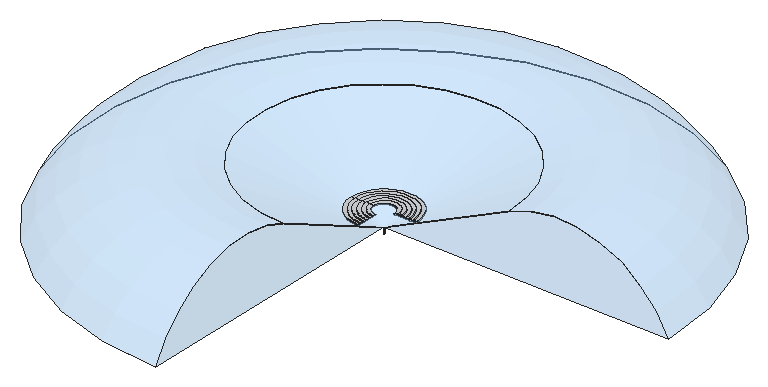
Revit family "HUNTER_I-25-06-SS", category Sprinklers, Revit 2017
Family settings
  Maintain Annotation Orientation = No
  Round Connector Dimension = Use Diameter
  Part Type = Normal
  OmniClass Number = 23.11.27.15.11.11
  OmniClass Title = Installed Sprinkler Heads
  Work Plane-Based = No
  Always vertical = Yes
  Cut with Voids When Loaded = No
  Shared = Yes
  Room Calculation Point = No
Parameters (values of type "I-25-06-SS-High speed 25 Dk. Blue-6.0bar-19.80m")
  Water Pattern = Water Arc : Water Arc
  Water = Water
  Valid Trajectory Arc [instance] = if(Trajectory Arc < Arc Min, Arc Min, if(Trajectory Arc > Arc Max, Arc Max, Trajectory Arc))  # 270.00°
  URL = "https://www.hunterindustries.com/irrigation-product/rotors/i-25"
  Type Image = <None>
  Type Comments = "Rotor I-25-06 with Plastic Riser"
  Trajectory Ref [instance] = (if(Trajectory Arc < Arc Min, Arc Min, if(Trajectory Arc > Arc Max, Arc Max, Trajectory Arc))) / 1.00°  # 270
  Trajectory Radius = 19800.000 mm
  Trajectory Angle = 25.00°  # constant formula
  Symbol = I-25-06 Symbol : I-25-06 Symbol
  Show Water Spray = yes
  Show 2D Symbol = yes
  Pressure = 600.0 kPa
  Precipitation Rate = "34 mm/hr"
  Pop Up Material = Hunter® Stainless Steel
  Pop Up Height = 100.000 mm  # constant formula
  Nozzle Tag = "I-25-06-SS-High Speed 25 Dk. Blue"
  Model = "I-25-06-SS-High Speed 25 Dk. Blue"
  Keynote = "328423.02"
  Inlet Size = "1\" BSP"
  Connection_Dia = 30.000 mm  # constant formula
  Nozzle Size = "Hunter® (25 Dk. Blue) High Speed Nozzle"
  Exposed Diameter = 50.000 mm  # constant formula
  Body Material = Hunter® ABS Plastic
  Manufacturer = "Hunter® Industries"
  Product Flow [instance] = 110.0 L/min
  Diameter = 609.6 mm
  Description = "Hunter I-25-06 Rotor Body with Preinstalled Check in Valve, stainless steel riser and (25 Dk. Blue) High Speed Nozzle"
  Body Height = 200.000 mm  # constant formula
  Assembly Code = "G2050700"
  Trajectory Arc [instance] = 270.00°
  Arc Min = 50.00°  # constant formula
  Arc Max = 360.00°  # constant formula
Types (10, lengths in mm): name | Valid Trajectory Arc | Trajectory Ref | Trajectory Radius | Pressure | Precipitation Rate | Nozzle Tag | Model | Nozzle Size | Product Flow | Description | Trajectory Arc
  I-25-06-SS-Standard 7 Orange-5.0bar-14.90m | 360.00° | 360 | 14900.000 | 500.0 kPa | "16 mm/hr" | "I-25-06-SS-7 Orange" | "I-25-06-SS- Standard 7 Orange" | "Hunter® (7 Orange) Standard Nozzle" | 30.1 L/min | "Hunter I-25-06 Rotor Body with Preinstalled Check in Valve, stainless steel riser and (7 Orange) Standard Nozzle" | 360.00°
  I-25-06-SS-Standard 10 Lt.Green-5.0bar-16.20m | 360.00° | 360 | 16200.000 | 500.0 kPa | "21 mm/hr" | "I-25-06-SS-10 Lt. Green" | "I-25-06-SS- Standard 10 Lt. Green" | "Hunter® (10 Lt. Green) Standard Nozzle" | 46.3 L/min | "Hunter I-25-06 Rotor Body with Preinstalled Check in Valve, stainless steel riser and (10 Lt. Green) Standard Nozzle" | 360.00°
  I-25-06-SS-Standard 15 Grey-5.0bar-17.40m | 360.00° | 360 | 17400.000 | 500.0 kPa | "23 mm/hr" | "I-25-06-SS-15 Grey" | "I-25-06-SS- Standard 15 Grey" | "Hunter® (15 Grey) Standard Nozzle" | 58.8 L/min | "Hunter I-25-06 Rotor Body with Preinstalled Check in Valve, stainless steel riser and (15 Grey) Standard Nozzle" | 360.00°
  I-25-06-SS-Standard 20 Dk. Brown-5.50bar-19.50m | 360.00° | 360 | 19500.000 | 550.0 kPa | "25 mm/hr" | "I-25-06-SS-20 Dk. Brown" | "I-25-06-SS- Standard 20 Dk. Brown" | "Hunter® (20 Dk. Brown) Standard Nozzle" | 77.7 L/min | "Hunter I-25-06 Rotor Body with Preinstalled Check in Valve, stainless steel riser and (20 Dk. Brown) Standard Nozzle" | 360.00°
  I-25-06-SS-Standard 25 Dk. Blue-6.0bar-21.00m | 360.00° | 360 | 21000.000 | 600.0 kPa | "30 mm/hr" | "I-25-06-SS-25 Dk. Blue" | "I-25-06-SS- Standard 25 Dk. Blue" | "Hunter® (25 Dk. Blue) Standard Nozzle" | 110.0 L/min | "Hunter I-25-06 Rotor Body with Preinstalled Check in Valve, stainless steel riser and (25 Dk. Blue) Standard Nozzle" | 360.00°
  I-25-06-SS-High speed 7 Orange-5.0bar-13.40m | 270.00° | 270 | 13400.000 | 500.0 kPa | "21 mm/hr" | "I-25-04-SS-High Speed 7 Orange" | "I-25-04-SS-High Speed 7 Orange" | "Hunter® (7 Orange) High Speed Nozzle" | 31.1 L/min | "Hunter I-25-06 Rotor Body with Preinstalled Check in Valve, stainless steel riser and (7 Orange) High Speed Nozzle" | 270.00°
  I-25-06-SS-High speed 10 Lt.Green-5.0bar-14.90m | 270.00° | 270 | 14900.000 | 500.0 kPa | "25 mm/hr" | "I-25-06-SS-High Speed 10 Lt. Green" | "I-25-06-SS-High Speed 10 Lt. Green" | "Hunter® (10 Lt. Green) High Speed Nozzle" | 46.3 L/min | "Hunter I-25-06 Rotor Body with Preinstalled Check in Valve, stainless steel riser and (10 Lt. Green) High Speed Nozzle" | 270.00°
  I-25-06-SS-High speed 15 Grey-5.0bar-16.20m | 270.00° | 270 | 16200.000 | 500.0 kPa | "27 mm/hr" | "I-25-06-SS-High Speed 15 Grey" | "I-25-06-SS-High Speed 15 Grey" | "Hunter® (15 Grey) High Speed Nozzle" | 58.8 L/min | "Hunter I-25-06 Rotor Body with Preinstalled Check in Valve, stainless steel riser and (15 Grey) High Speed Nozzle" | 270.00°
  I-25-06-SS-High speed 20 Dk. Brown-5.50bar-17.70m | 270.00° | 270 | 17700.000 | 550.0 kPa | "30 mm/hr" | "I-25-06-SS-High Speed 20 Dk. Brown" | "I-25-06-SS-High Speed 20 Dk. Brown" | "Hunter® (20 Dk. Brown) High Speed Nozzle" | 77.7 L/min | "Hunter I-25-06 Rotor Body with Preinstalled Check in Valve, stainless steel riser and (20 Dk. Brown) High Speed Nozzle" | 270.00°
  I-25-06-SS-High speed 25 Dk. Blue-6.0bar-19.80m | 270.00° | 270 | 19800.000 | 600.0 kPa | "34 mm/hr" | "I-25-06-SS-High Speed 25 Dk. Blue" | "I-25-06-SS-High Speed 25 Dk. Blue" | "Hunter® (25 Dk. Blue) High Speed Nozzle" | 110.0 L/min | "Hunter I-25-06 Rotor Body with Preinstalled Check in Valve, stainless steel riser and (25 Dk. Blue) High Speed Nozzle" | 270.00°
Reference planes
  plane 1 "Center (Front/Back)": y = 0
  plane 2: z = 0
  plane 3 "Center (Left/Right)": x = 0
Lines and regions (mm)
  model lines
    curve 1: circle (0, 0, 0) r 25 normal (0, 0, 1)
    curve 2: line (25, 0, 0) -> (-25, 0, 0)
    curve 3: line (0, 25, 0) -> (0, -25, 0)
Dimensions and locks
  aligned and locked: level to plane 2
Nested families
  nested 1: "Water Arc" at (0, 0, 140), type <- "Water Pattern", visible <- "Show Water Spray", type "Water Arc"
    with r1 8367.842 mm, Trajectory Arc 270.00°, Radius 19800.000 mm
  nested 2: "I-25-06-SS" at (0, 0, 0), type "I-25-04-SS"
  nested 3: "I-25-06 Symbol" at (0, 0, 1250), Trajectory Arc <- "Valid Trajectory Arc", type <- "Symbol", visible <- "Show 2D Symbol", type "I-25-06 Symbol"
    with Trajectory Ref 270, Trajectory Arc 270.00°, Ann Trajectory 270.00°
Connectors
  piping at (0, 0, -242.374), diameter 32, driven by "Product Flow"
    settings: on nested 2, index 2, connector inside diameter 609.6 mm, connector length 0.000 mm, flow factor 0, pipe flow 110.0 L/min, pressure drop 0.0 kPa, fitting loss kfactor 0, connector angle 0.00°, fixture units 0, engagement length 0.000 mm, angle of deflection 0.00°, flow configuration 0, flow direction 1, fitting loss method 2, system type 29, joint type 0, gender type 0, connector reference index -1, connector utility 0, adjustable connector no, is connector primary yes, connector description ""
Definition of nested family "Water Arc"
  Parameters (values of type "Water Arc")
    r1 = Radius * sin(Arc_Angle)  # 1901.782 mm
    Trajectory Arc = 180.00°
    Radius = 4500.000 mm
    Material = none
    Arc_Angle = 25.00°
  Reference planes
    plane 1 "Center (Front/Back)": y = 0
    plane 2: z = 0
    plane 3 "Center (Left/Right)": x = 0
  Forms (mm)
    Revolve 1, solid, material <- "Material"
      sketch origin (0, 0, 100) x (1, 0, 0) y (0, 0, 1)
        loop
          line (0, -100) -> (4500, -100)
          arc (4500, -100) -> (3426.848, 883.363) -> (1972.672, 819.872) r 1901.782
          line (1972.672, 819.872) -> (0, -100)
        axis (0, -100) -> (0, 819.872)
      angle from 0 to 180 <- "Trajectory Arc"
  Dimensions and locks
    "Radius": Revolve 1 sketch curve to plane 3 "Center (Left/Right)"
    "r1": radius of Revolve 1 sketch curve
    "Arc_Angle": angle Revolve 1 sketch curve to Revolve 1 sketch curve
    aligned and locked: level to plane 2
    aligned and locked: plane 3 "Center (Left/Right)" to Revolve 1 sketch curve
    aligned and locked: Revolve 1 sketch curve to level
  Automatic sketch dimensions
    Revolve 1 sketch curve to plane 3 "Center (Left/Right)" = 0.000 mm
    Revolve 1 sketch curve to Revolve 1 sketch curve = 191.442 mm
    Revolve 1 sketch curve to Revolve 1 sketch curve = 1280.000 mm
Definition of nested family "I-25-06-SS"
  Parameters (values of type "I-25-04-SS")
    R_Pipe_Connection = 15.671 mm
    Pop_Up = 100.000 mm
    ON = yes
    Material = none
    Dia = 25.315 mm
    Body_Height = 190.000 mm
  Reference planes
    plane 1 "Center (Front/Back)": y = 0
    plane 2: z = 0
    plane 3 "Center (Left/Right)": x = 0
  Forms (mm)
    Revolve 1, solid
      sketch origin (0, 0, 0) x (1, 0, 0) y (0, 0, 1)
        loop
          line (0, 6.425) -> (0, -242.374) -> (16, -242.374) -> (16, -244.374) -> (24.619, -244.374)
          arc (24.619, -244.374) -> (25.444, -244.128) -> (25.999, -243.471) r 1.506
          line (25.999, -243.471) -> (29.854, -234.65) -> (29.854, -83.62) -> (36.138, -54.874) -> (36.138, -35.586) -> (35.491, -18.744)
          arc (35.491, -18.744) -> (34.705, -15.935) -> (32.733, -13.786) r 6.274
          line (32.733, -13.786) -> (27.279, -8.332) -> (26.279, -8.332) -> (26.279, -5.86) -> (23.214, 0) -> (23.214, 4.166)
          arc (23.214, 4.166) -> (22.552, 5.763) -> (20.955, 6.425) r 2.259
          line (20.955, 6.425) -> (0, 6.425)
        axis (0, 6.425) -> (0, -244.374)
      angle from 0 to 360
    Extrusion 2, solid, visible <- "ON"
      sketch origin (0, 0, 0) x (1, 0, 0) y (0, 1, 0)
        loop
          circle (0, 0) r 20
      from 0 to 150
    Revolve 3, solid, material <- "Material", visible <- "ON"
      sketch origin (0, 0, 0) x (1, 0, 0) y (0, 0, 1)
        loop
          arc (23.214, 151.549) -> (22.552, 153.146) -> (20.955, 153.808) r 2.259
          line (20.955, 153.808) -> (0, 153.808) -> (0, 150) -> (23.214, 150) -> (23.214, 151.549)
        axis (0, 153.808) -> (0, 150)
      angle from 0 to 360
  Dimensions and locks
    aligned and locked: level to plane 2
    aligned and locked: Revolve 3 to Extrusion 2
Definition of nested family "I-25-06 Symbol"
  Parameters (values of type "I-25-06 Symbol")
    Trajectory Ref [instance] = Trajectory Arc / 1.00°  # 50
    Trajectory Arc [instance] = 50.00°
    Nozzle Tag = M_Label Annotation : M_Label Annotation
    Ann Trajectory [instance] = Trajectory Arc  # 50.00°
  Reference planes
    plane 1 "Center (Front/Back)": y = 0
    plane 2: z = 0
    plane 3 "Center (Left/Right)": x = 0
  Forms (mm)
    Extrusion 1, solid
      sketch origin (0, 0, 0) x (1, 0, 0) y (0, 1, 0)
        loop
          circle (0, 0) r 2250
        loop
          circle (0, 0) r 700
      from 0 to 50
    Revolve 2, void
      sketch origin (0, 0, 0) x (1, 0, 0) y (0, 0, 1)
        loop
          line (700, 90) -> (700, 20) -> (960, 50) -> (960, 20) -> (1220, 50) -> (1220, 20) -> (1480, 50) -> (1480, 20) -> (1740, 50) -> (1740, 20) -> (1999.96, 49.995) -> (1999.96, 20) -> (2259.96, 50) -> (2259.96, 90) -> (700, 90)
        axis (0, 90) -> (0, 20)
      angle from 360 to 0
    Revolve 3, void
      sketch origin (0, 0, 0) x (1, 0, 0) y (0, 0, 1)
        loop
          line (0, 149.939) -> (0, -50.061) -> (2260, -50.061) -> (2260, 149.939) -> (0, 149.939)
        axis (0, 149.939) -> (0, -50.061)
      angle from 359 to 50 <- "Trajectory Arc"
  Cuts and joins
    Revolve 2, Revolve 3 cuts Extrusion 1
  Dimensions and locks
    aligned and locked: plane 2 to level
